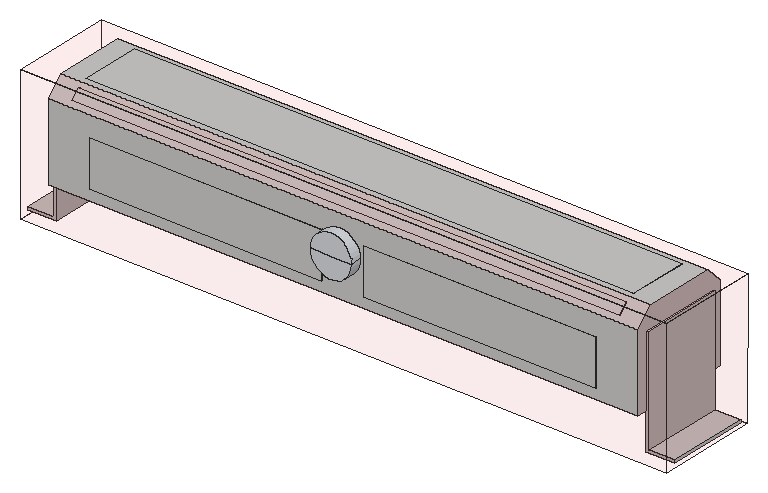
Revit family "Air-Curtain_Window-PassThru_PoweredAire_PTW", category Mechanical Equipment, host Face, Revit 2017
Family settings
  Host = Face
  Round Connector Dimension = Use Diameter
  Part Type = Normal
  OmniClass Number = 23.75.35.17.21
  OmniClass Title = Air Curtains
  Cut with Voids When Loaded = No
  Shared = No
  Room Calculation Point = No
Parameters (values of type "Elec Heat")
  Warranty Duration (Years) = 0
  Mounting Above Unit [instance] = not(Mounting Behind Unit)  # no
  Unit Width Notes = "Other Widths available."  # constant formula
  Unit Width = 2' - 7 1/4"
  Unit Weight = 21
  Unit Height = 0' - 4 15/16"
  Unit Depth = 0' - 4 1/2"
  URL = "http://www.poweredaire.com/"
  Test Data = ""
  Standards Conformance = "ETL  ;  Made in USA"
  Specification = "http://www.arcat.com/sdspecs/htm04/23_34_33pai.htm"
  SpecWizard = ""
  Sound Pressure = "50 dBA"
  Sales Information = "http://www.poweredaire.com/contact_us"
  Revision = "R1_2016-08"
  Projection from Host [instance] = 0' - 2"
  Product Properties = ""
  Product Data = "http://www.arcat.com/arcatcos/cos47/arc47623.html"
  Power Rating = 107 W
  Nozzle Width = if(1 = 1, Unit Width - 0' 1", 0' 0")  # 2' - 6 1/4"
  Mounting Width = if(1 = 1, Unit Width - 0' 0 15/16", 0' 0")  # 2' - 6 5/16"
  Mounting Height [instance] = 3' - 6"
  Mounting Behind Unit [instance] = yes
  Model = "PTW-24E"
  Max Height = 3' - 6"
  Manufacturer Website = "http://www.poweredaire.com/"
  Manufacturer Phone - Toll Free = "888-321-2473"
  Manufacturer Phone = "724-588-3305"
  Manufacturer Fax = "724-588-3371"
  Manufacturer Address = "109 Mortensen Rd.  Greenville, PA 16125"
  Manufacturer = "Powered Aire, Inc"
  Maintenance Schedule (Months) = 0
  Keynote = "23 34 33"
  Installation-Fabrication = ""
  Installation Phase = ""
  Include Clearance [instance] = yes
  Heating Element Load = 1200 W
  HVAC_Temperature Rise = 11 °F
  HVAC_Outlet Volume = 360 CFM
  HVAC_Outlet Velocity Uniformity = 0
  HVAC_Outlet Velocity = 1700 FPM
  Green Building-LEED = "http://www.arcat.com/green/clients/leed_data_47623.html"
  Front Grating Material [instance] = Metal - Steel - PoweredAire - Stainless 304 Perforated
  Frame Finish [instance] = Metal - Steel - PoweredAire - Stainless 304
  Expected Lifespan (Years) = 0
  Electrical_Wattage [instance] = Power Rating + Heating Element Load  # 1307 W
  Electrical_Voltage = 120 V
  Electrical_Phase [instance] = 1
  Electrical_Frequency [instance] = 0 Hz
  Electrical_Amperage = 11.2 A
  Drawn By = "Sumex Design, Inc. / Robert S. Weygant, CSI, CDT, SCIP"
  Description = "Powered Aire Electrically Heated PassThru Window Air Curtain - PTW-24E as Specified"
  Default Elevation = 0' - 0"  # constant formula
  Copyright = "©Arcat Inc."
  Construction Details = "http://www.arcat.com/details/powair/prod3336.html"
  Clearance_Top [instance] = 0' - 0"
  Clearance_Side B [instance] = 0' - 0"
  Clearance_Side A [instance] = 0' - 0"
  Clearance_Intake [instance] = 0' - 0"
  Clearance_Bottom [instance] = 0' - 0"
  Clearance Material [instance] = ARCAT Clearance
  Building Codes = ""
  Available Options [instance] = "as Specified"
  Assembly Code = "D3090400"
Types (2): name | Unit Width | Unit Weight | Nozzle Width | Mounting Width | Model | Heating Element Load | HVAC_Temperature Rise | Electrical_Wattage | Electrical_Amperage | Description
  Elec Heat | 2' - 7 1/4" | 21 | 2' - 6 1/4" | 2' - 6 5/16" | "PTW-24E" | 1200 W | 11 °F | 1307 W | 11.2 A | "Powered Aire Electrically Heated PassThru Window Air Curtain - PTW-24E as Specified"
  Unheated | 2' - 5 1/4" | 13 | 2' - 4 1/4" | 2' - 4 5/16" | "PTW-24" | 0 W | 0 °F | 107 W | 1.7 A | "Powered Aire Unheated PassThru Window Air Curtain - PTW-24 as Specified"
Reference planes (in)
  plane 1 "Center (Elevation)": y = 0.13818
  plane 2: z = 0
  plane 3 "Center (Left/Right)": x = 0
  plane 4: y = 2.60693
  plane 5: y = -2.33057
  plane 6: x = -15.625
  plane 7: x = 15.625
  plane 8: z = 6.5
  plane 9 "FF": y = -41.86182
  plane 10: z = 2
  plane 11: x = 14.25
  plane 12: x = -14.25
  plane 13: y = 2.60693
  plane 14: y = -2.33057
  plane 15: x = -15.625
  plane 16: x = 15.625
  plane 17: z = 6.5
  plane 18: z = 4.25
Forms (in)
  Extrusion 1, solid, material "ARCAT Clearance" <- "Clearance Material", visible <- "Include Clearance"
    sketch origin (0, 0, 0) x (0, 1, 0) y (0, 0, 1)
      loop
        line (-2.33057, 6.5) -> (-2.33057, 0) -> (2.60693, 0) -> (2.60693, 6.5) -> (-2.33057, 6.5)
    from -15.625 to 15.625
  Extrusion 2, solid, material "Metal - Steel - PoweredAire - Stainless 304" <- "Frame Finish"
    sketch origin (0, 0, 0) x (0, 1, 0) y (0, 0, 1)
      loop
        line (-2.33057, 2) -> (2.60693, 2) -> (2.60693, 5.75) -> (1.85693, 6.5) -> (-1.58057, 6.5) -> (-2.33057, 5.75) -> (-2.33057, 2)
    from -14.25 to 14.25
  Extrusion 3, solid, material "Metal - Steel - PoweredAire - Stainless 304" <- "Frame Finish", visible <- "Mounting Behind Unit"
    sketch origin (0, 0.13818, 0) x (1, 0, 0) y (0, 0, 1)
      loop
        line (-14.25, 5.5) -> (-14.375, 5.5) -> (-14.375, 0.375) -> (-15.625, 0.375) -> (-15.625, 0.25) -> (-14.25, 0.25) -> (-14.25, 5.5)
      loop
        line (14.25, 5.5) -> (14.25, 0.25) -> (15.625, 0.25) -> (15.625, 0.375) -> (14.375, 0.375) -> (14.375, 5.5) -> (14.25, 5.5)
    from 2 to -2
  Extrusion 4, solid, material "Metal - Steel - PoweredAire - Stainless 304" <- "Frame Finish", visible <- "Mounting Above Unit"
    sketch origin (0, 4.38818, 4.23682) x (0, -1, 0) y (1, 0, 0)
      loop
        line (5.5, -14.25) -> (0.25, -14.25) -> (0.25, -15.625) -> (0.375, -15.625) -> (0.375, -14.375) -> (5.5, -14.375) -> (5.5, -14.25)
      loop
        line (5.5, 14.25) -> (5.5, 14.375) -> (0.375, 14.375) -> (0.375, 15.625) -> (0.25, 15.625) -> (0.25, 14.25) -> (5.5, 14.25)
    from 2 to -2
  Extrusion 5, solid, material "Metal - Steel - PoweredAire - Stainless 304 Perforated" <- "Front Grating Material"
    sketch origin (0, 1.60693, 6.5) x (0, -1, 0) y (1, 0, 0)
      loop
        line (2.9375, 13.25) -> (0, 13.25) -> (0, -13.25) -> (2.9375, -13.25) -> (2.9375, 13.25)
    from 0 to 0.03125
  Extrusion 6, solid, material "Metal - Steel - PoweredAire - Stainless 304 Perforated" <- "Front Grating Material"
    sketch origin (0, 2.98193, 5.375) x (0, -0.707107, 0.707107) y (1, 0, 0)
      loop
        line (0.78033, -13.25) -> (1.34099, -13.25) -> (1.34099, 13.25) -> (0.78033, 13.25) -> (0.78033, -13.25)
    from 0 to 0.03125
  Extrusion 7, solid, material "Metal - Steel - PoweredAire - Stainless 304 Perforated" <- "Front Grating Material"
    sketch origin (0, -2.64307, 5.4375) x (0, 0.707107, 0.707107) y (-1, 0, 0)
      loop
        line (1.2526, 13.25) -> (0.69194, 13.25) -> (0.69194, -13.25) -> (1.2526, -13.25) -> (1.2526, 13.25)
    from 0 to 0.03125
  Extrusion 8, solid, material "Metal - Steel - PoweredAire - Stainless 304 Perforated" <- "Front Grating Material"
    sketch origin (0, -2.33057, 2) x (0, 0, 1) y (-1, 0, 0)
      loop
        line (2.75, 12.25) -> (0.5, 12.25) -> (0.5, 1) -> (2.75, 1) -> (2.75, 12.25)
      loop
        line (0.5, -12.25) -> (2.75, -12.25) -> (2.75, -1) -> (0.5, -1) -> (0.5, -12.25)
    from 0 to 0.03125
  Revolve 9, solid
    sketch origin (0, -3.61244, 4.25) x (0, -1, 0) y (1, 0, 0)
      loop
        line (-1.28187, 0) -> (-1.28187, -0.25) -> (-1.04725, -0.25) -> (-1.04725, -1) -> (-0.53187, -1) -> (-0.53187, 0) -> (-1.28187, 0)
      axis (-1.28187, 0) -> (-0.53187, 0)
    angle from 0 to 360
Dimensions and locks (in)
  equal spacing: plane 4, plane 1 "Center (Elevation)", plane 5
  "Unit Height": plane 4 to plane 5
  equal spacing: plane 6, plane 3 "Center (Left/Right)", plane 7
  "Unit Width": plane 6 to plane 7
  "Mounting Height": plane 1 "Center (Elevation)" to plane 9 "FF"
  "Projection from Host": plane 10 to level
  "Unit Depth": plane 8 to plane 10
  locked: plane 6 to plane 12 at 1.375
  locked: plane 11 to plane 7 at 1.375
  "Clearance_Side A": plane 7 to plane 16
  "Clearance_Side B": plane 15 to plane 6
  "Clearance_Top": plane 13 to plane 4
  "Clearance_Bottom": plane 5 to plane 14
  "Clearance_Intake": plane 17 to plane 8
  Extrusion 4 sketch curve to Extrusion 4 sketch curve to Extrusion 4 sketch curve to plane 5 = 0' - 0 1/8" locked, 0' - 5 1/8" locked, 0' - 1 7/32" locked  (x2)
  plane 8 to Extrusion 3 sketch curve to Extrusion 3 sketch curve to Extrusion 3 sketch curve = 0' - 1" locked, 0' - 5 1/8" locked, 0' - 0 1/8" locked  (x2)
  plane 12 to Extrusion 3 sketch curve to Extrusion 3 sketch curve to Extrusion 3 sketch curve = 0' - 0" locked, 0' - 0 1/8" locked, 0' - 1 1/4" locked
  Extrusion 3 sketch curve to Extrusion 3 sketch curve to plane 11 to Extrusion 3 sketch curve = 0' - 1 1/4" locked, 0' - 0 1/8" locked, 0' - 0" locked
  plane 11 to Extrusion 4 sketch curve to Extrusion 4 sketch curve to Extrusion 4 sketch curve = 0' - 0" locked, 0' - 0 1/8" locked, 0' - 1 1/4" locked
  Extrusion 4 sketch curve to Extrusion 4 sketch curve to plane 12 to Extrusion 4 sketch curve = 0' - 1 1/4" locked, 0' - 0 1/8" locked, 0' - 0" locked
  locked: plane 3 "Center (Left/Right)" to Extrusion 8 sketch curve at 1
  locked: Extrusion 8 sketch curve to plane 3 "Center (Left/Right)" at 1
  locked: Extrusion 8 sketch curve to plane 12 at 2
  locked: plane 11 to Extrusion 8 sketch curve at 2
  equal spacing: plane 8, plane 18, plane 10
  aligned and locked: plane 2 to host face
  aligned and locked: level to host face
  aligned and locked: Extrusion 1 sketch curve to plane 17
  aligned and locked: plane 14 to Extrusion 1 sketch curve
  aligned and locked: level to Extrusion 1 sketch curve
  aligned and locked: Extrusion 1 sketch curve to plane 13
  aligned and locked: plane 16 to Extrusion 1
  aligned and locked: Extrusion 1 to plane 15
  aligned and locked: Extrusion 2 to plane 12
  aligned and locked: plane 11 to Extrusion 2
Automatic sketch dimensions
  host sketch curve to host sketch curve = 8' - 0"  (x2)
  Extrusion 2 sketch curve to plane 5 = 0' - 0"
  Extrusion 2 sketch curve to plane 8 = 0' - 0"
  Extrusion 2 sketch curve to plane 4 = 0' - 0"
  Extrusion 2 sketch curve to plane 10 = 0' - 0"
  plane 5 to Extrusion 2 sketch curve = 0' - 0 3/4"
  Extrusion 2 sketch curve to plane 4 = 0' - 0 3/4"
  Extrusion 2 sketch curve to plane 8 = 0' - 0 3/4"  (x2)
  Extrusion 2 to Extrusion 5 sketch curve = 0' - 1"  (x2)
  Extrusion 2 to Extrusion 5 sketch curve = 0' - 0 1/4"
  Extrusion 5 sketch curve to Extrusion 2 = 0' - 0 1/4"
  Extrusion 2 to Extrusion 6 sketch curve = 0' - 1"  (x2)
  Extrusion 2 to Extrusion 6 sketch curve = 0' - 0 1/4"
  Extrusion 6 sketch curve to Extrusion 2 = 0' - 0 1/4"
  Extrusion 2 to Extrusion 7 sketch curve = 0' - 1"  (x2)
  Extrusion 2 to Extrusion 7 sketch curve = 0' - 0 1/4"  (x2)
  Extrusion 8 sketch curve to Extrusion 2 = 0' - 0 1/2"  (x2)
  Extrusion 8 sketch curve to Extrusion 2 = 0' - 1"  (x2)
  Revolve 9 sketch curve to plane 3 "Center (Left/Right)" = 0' - 0"  (x2)
  Revolve 9 sketch curve to plane 5 = 0' - 0"
  Revolve 9 sketch curve to plane 5 = 0' - 0.23461"
  Revolve 9 sketch curve to Revolve 9 sketch curve = 0' - 0.51539"
  Revolve 9 sketch curve to Revolve 9 sketch curve = 0' - 0 1/4"
  Revolve 9 sketch curve to Revolve 9 sketch curve = 0' - 0 3/4"
  plane 1 "Center (Elevation)" to Revolve 9 sketch curve = 0' - 0 7/32"
  plane 14 to Revolve 9 sketch curve = 0' - 0 1/2"
